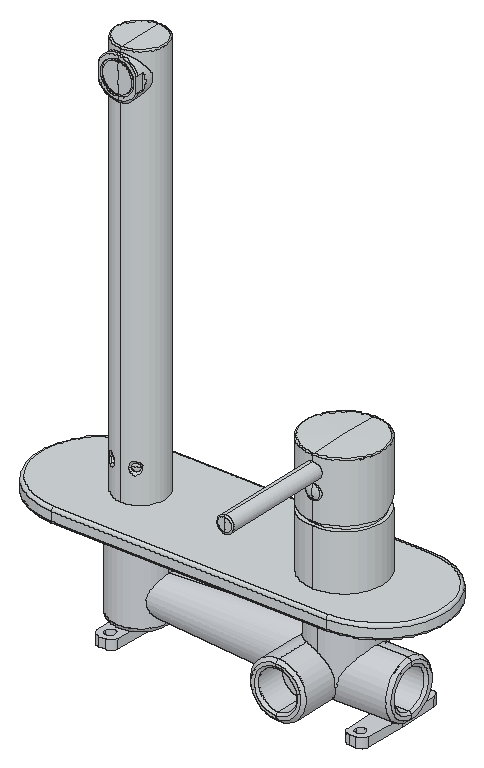
Revit family "Reece_Tap_Mizu_Drift_Wall Basin or Bath Mixer_Straight", category Plumbing Fixtures, host Face, Revit 2018
Family settings
  Host = Face
  Round Connector Dimension = Use Diameter
  Part Type = Normal
  Cut with Voids When Loaded = No
  Shared = Yes
  Room Calculation Point = Yes
Parameters (values of type "194 mm_Brushed Nickel")
  WFU = 0  # constant formula
  URL = "https://www.reece.com.au/product/-2267377"
  Type Comments = "Tap"
  Reece_Tap_Reach = 194 mm  # constant formula
  Reece_Tap_Inlet = 25 mm  # constant formula
  Reece_Stand_Radius = 19 mm  # constant formula
  Reece_Product_Web Page = "https://www.reece.com.au/product/-2267377"
  Reece_Product_Type = "Tap"  # constant formula
  Reece_Product_Sub Brand = "Drift"  # constant formula
  Reece_Product_Number = "2267377"
  Reece_Product_Mount = "Wall Mounted"  # constant formula
  Reece_Product_Description = "Mizu Drift Wall Basin / Bath Mixer Set with Straight Spout Kit Brushed Nickel (6 Star)"
  Reece_Product_Brand = "Mizu"  # constant formula
  Reece_Overall_Width = 200 mm  # constant formula
  Reece_Overall_Projection = 206.5 mm  # constant formula
  Reece_Overall_Height = 106 mm  # constant formula
  Reece_Nozzle_Pipe Radius = 12 mm  # constant formula
  Reece_Material_Main = Reece_Brass_Brushed Nickel
  Reece_Detail_Shape = "Straight"  # constant formula
  Reece_Detail_Installation = ""
  Reece_Detail_Disclaimer = "THIS FILE IS THE PROPERTY OF THE REECE GROUP. IT MAY NOT BE REPRODUCED, REVERSE-ENGINEERED, OR MODIFIED. ANY REPUBLICATION, TRANSMISSION, OR DISTRIBUTION FOR THE PURPOSE OF COMMERCIALLY EXPLOITING THE FILES IS PROHIBITED."  # constant formula
  Reece_Detail_Connector = ""
  Reece_Detail_Additional = ""  # constant formula
  Model = "Drift"
  Manufacturer = "Mizu"
  Keynote = "Product #2267377, Reece_Tap_Mizu_Drift_Wall Basin or Bath Mixer_Straight - 194 mm_Brushed Nickel"
  HWFU = 0  # constant formula
  Disclaimer = "THIS FILE IS THE PROPERTY OF THE REECE GROUP. IT MAY NOT BE REPRODUCED, REVERSE-ENGINEERED, OR MODIFIED. ANY REPUBLICATION, TRANSMISSION, OR DISTRIBUTION FOR THE PURPOSE OF COMMERCIALLY EXPLOITING THE FILES IS PROHIBITED."  # constant formula
  Description = "Mizu Drift Wall Basin / Bath Mixer Set with Straight Spout Kit Brushed Nickel (6 Star)"
  Default Elevation = 1000 mm
  CWFU = 0  # constant formula
Types (5, lengths in mm): name | URL | Reece_Product_Web Page | Reece_Product_Number | Reece_Product_Description | Reece_Material_Main | Keynote | Description
  194 mm_Brushed Brass | "https://www.reece.com.au/product/-2267391" | "https://www.reece.com.au/product/-2267391" | "2267391" | "Mizu Drift Wall Basin / Bath Mixer Set with Straight Spout Kit Chrome (6 Star)" | Reece_Brass_Brushed | "Product #2267391, Reece_Tap_Mizu_Drift_Wall Basin or Bath Mixer_Straight - 194 mm_Brushed Brass" | "Mizu Drift Wall Basin / Bath Mixer Set with Straight Spout Kit Chrome (6 Star)"
  194 mm_Chrome | "https://www.reece.com.au/product/-2267363" | "https://www.reece.com.au/product/-2267363" | "2267363" | "Mizu Drift Wall Basin / Bath Mixer Set with Straight Spout Kit Chrome (6 Star)" | Reece_Brass_Chrome | "Product #2267363, Reece_Tap_Mizu_Drift_Wall Basin or Bath Mixer_Straight - 194 mm_Chrome" | "Mizu Drift Wall Basin / Bath Mixer Set with Straight Spout Kit Chrome (6 Star)"
  194 mm_Brushed Gunmetal | "https://www.reece.com.au/product/-2267384" | "https://www.reece.com.au/product/-2267384" | "2267384" | "Mizu Drift Wall Basin / Bath Mixer Set with Straight Spout Kit Brushed Gunmetal (6 Star)" | Reece_Brass_Brushed Gunmetal | "Product #2267384, Reece_Tap_Mizu_Drift_Wall Basin or Bath Mixer_Straight - 194 mm_Brushed Gunmetal" | "Mizu Drift Wall Basin / Bath Mixer Set with Straight Spout Kit Brushed Gunmetal (6 Star)"
  194 mm_Brushed Nickel | "https://www.reece.com.au/product/-2267377" | "https://www.reece.com.au/product/-2267377" | "2267377" | "Mizu Drift Wall Basin / Bath Mixer Set with Straight Spout Kit Brushed Nickel (6 Star)" | Reece_Brass_Brushed Nickel | "Product #2267377, Reece_Tap_Mizu_Drift_Wall Basin or Bath Mixer_Straight - 194 mm_Brushed Nickel" | "Mizu Drift Wall Basin / Bath Mixer Set with Straight Spout Kit Brushed Nickel (6 Star)"
  194 mm_Matte Black | "https://www.reece.com.au/product/-2267370" | "https://www.reece.com.au/product/-2267370" | "2267370" | "Mizu Drift Wall Basin / Bath Mixer Set with Straight Spout Kit Matte Black (6 Star)" | Reece_Brass_Matte Black | "Product #2267370, Reece_Tap_Mizu_Drift_Wall Basin or Bath Mixer_Straight - 194 mm_Matte Black" | "Mizu Drift Wall Basin / Bath Mixer Set with Straight Spout Kit Matte Black (6 Star)"
Reference planes
  plane 1 "Center (Front/Back)": y = 0
  plane 2: z = 0
  plane 3 "Center (Left/Right)": x = 0
  plane 4: y = -32.5
  plane 5: y = 32.5
  plane 6: x = -100
  plane 7: x = 100
  plane 8: y = -73.5
  plane 9: z = 206.5
  plane 10: z = 194
Forms (mm)
  Revolve 1, solid, material "Reece_Brass_Brushed Nickel" <- "Reece_Material_Main"
    sketch origin (49.911, 0.055, -117.916) x (0, 1, 0) y (0, 0, 1)
      loop
        line (-19, 151.8) -> (-19, 117.916) -> (0, 117.916) -> (0, 157.8) -> (-13.55, 157.8) -> (-13.55, 161.484)
        arc (-13.55, 161.484) -> (-15.908, 156.868) -> (-17, 151.8) r 20
        line (-17, 151.8) -> (-19, 151.8)
      axis (0, 161.484) -> (0, 117.916)
    angle from 0 to 360
  Extrusion 2, void
    sketch origin (49.911, 5.683, 45.943) x (0, -0.91357, -0.406681) y (1, 0, 0)
      loop
        line (39.237, 24.5) -> (-51.116, 24.5) -> (-51.116, -24.5) -> (39.237, -24.5) -> (39.237, 24.5)
    from -20.185 to -6.612
  Revolve 3, solid, material "Reece_Brass_Brushed Nickel" <- "Reece_Material_Main"
    sketch origin (49.911, 0.055, -117.916) x (0, 1, 0) y (0, 0, 1)
      loop
        line (-73.215, 176.258) -> (-11.215, 176.258) -> (-11.215, 179.458) -> (-12.015, 180.258) -> (-72.715, 180.258)
        arc (-72.715, 180.258) -> (-73.069, 180.112) -> (-73.215, 179.758) r 0.5
        line (-73.215, 179.758) -> (-73.215, 176.258)
      axis (-11.215, 176.258) -> (-73.215, 176.258)
    angle from 0 to 360
  Revolve 4, solid, material "Reece_Brass_Brushed Nickel" <- "Reece_Material_Main"
    sketch origin (49.911, 0.055, -117.916) x (0, 1, 0) y (0, 0, 1)
      loop
        arc (-18.504, 183.63) -> (-18.856, 183.472) -> (-19, 183.114) r 0.517
        line (-19, 183.114) -> (-19, 154.116) -> (-17.998, 154.116) -> (-17.5, 161.235) -> (-17.5, 164.116) -> (0, 164.116) -> (0, 184)
        arc (0, 184) -> (-9.254, 183.907) -> (-18.504, 183.63) r 466.11
      axis (0, 184) -> (0, 154.116)
    angle from 0 to 360
  Extrusion 5, solid
    sketch origin (49.911, 7.086, -35) x (0, -1, 0) y (0, 0, 1)
      loop
        arc (-8.914, -1.5) -> (-5.253, -10.339) -> (3.586, -14) r 12.5
        line (3.586, -14) -> (7.086, -14) -> (7.086, -11) -> (3.586, -11)
        arc (3.586, -11) -> (-3.132, -8.218) -> (-5.914, -1.5) r 9.5
        line (-5.914, -1.5) -> (-5.914, 35) -> (-12.914, 35) -> (-12.914, 33.5)
        arc (-12.914, 33.5) -> (-12.621, 32.793) -> (-11.914, 32.5) r 1
        line (-11.914, 32.5) -> (-10.914, 32.5)
        arc (-10.914, 32.5) -> (-9.5, 31.914) -> (-8.914, 30.5) r 2
        line (-8.914, 30.5) -> (-8.914, -1.5)
    from 9.327 to -9.327
  Revolve 6, solid
    sketch origin (49.911, 7.086, -35) x (0, -1, 0) y (0, 0, 1)
      loop
        line (27.086, 33.5) -> (27.086, 35) -> (7.086, 35) -> (7.086, -1.146) -> (23.086, -1.146) -> (23.086, 30.5)
        arc (23.086, 30.5) -> (23.671, 31.914) -> (25.086, 32.5) r 2
        line (25.086, 32.5) -> (26.086, 32.5)
        arc (26.086, 32.5) -> (26.793, 32.793) -> (27.086, 33.5) r 1
      axis (7.086, 35) -> (7.086, -1.146)
    angle from 0 to 360
  Extrusion 7, void
    sketch origin (49.911, 7.086, -35) x (0, -1, 0) y (0, 0, 1)
      loop
        arc (-29.2, -13.737) -> (-25.539, -22.576) -> (-16.7, -26.237) r 12.5
        line (-16.7, -26.237) -> (7.086, -26.237) -> (7.086, -11) -> (3.586, -11)
        arc (3.586, -11) -> (-3.132, -8.218) -> (-5.914, -1.5) r 9.5
        line (-5.914, -1.5) -> (-5.914, 35) -> (-12.914, 35) -> (-12.914, 33.5)
        arc (-12.914, 33.5) -> (-12.621, 32.793) -> (-11.914, 32.5) r 1
        line (-11.914, 32.5) -> (-29.2, 32.5) -> (-29.2, -13.737)
    from 23.664 to -25.317
  Revolve 8, solid
    sketch origin (49.911, 7.086, -35) x (0, -1, 0) y (0, 0, 1)
      loop
        line (27.086, 33.5) -> (27.086, 35) -> (7.086, 35) -> (7.086, 30.5) -> (23.086, 30.5)
        arc (23.086, 30.5) -> (23.671, 31.914) -> (25.086, 32.5) r 2
        line (25.086, 32.5) -> (26.086, 32.5)
        arc (26.086, 32.5) -> (26.793, 32.793) -> (27.086, 33.5) r 1
      axis (7.086, 35) -> (7.086, 30.5)
    angle from 0 to 360
  Revolve 9, solid
    sketch origin (43, 7.086, -35) x (0, -1, 0) y (0, 0, 1)
      loop
        line (8.163, -13.75) -> (38.586, -13.75) -> (40.086, -12.25) -> (40.086, -10.7) -> (38.886, -9.5) -> (25.086, -9.5) -> (25.086, 0) -> (8.163, 0) -> (8.163, -13.75)
      axis (8.163, 0) -> (40.086, 0)
    angle from 0 to 360
  Revolve 10, solid
    sketch origin (0, 0, 0) x (1, 0, 0) y (0, 0, 1)
      loop
        line (-48.087, -44.103) -> (43, -49) -> (81.5, -49) -> (83, -47.5) -> (83, -45.7) -> (81.8, -44.5) -> (68, -44.5) -> (68, -35) -> (-48.087, -35) -> (-48.087, -44.103)
      axis (83, -35) -> (-48.087, -35)
    angle from 0 to 360
  Revolve 11, solid
    sketch origin (0, 0, 0) x (1, 0, 0) y (0, 0, 1)
      loop
        line (-50, 0) -> (-64, 0) -> (-64, -46.75)
        arc (-64, -46.75) -> (-63.414, -48.164) -> (-62, -48.75) r 2
        line (-62, -48.75) -> (-50, -48.75) -> (-50, 0)
      axis (-50, -48.75) -> (-50, 0)
    angle from 0 to 360
  Extrusion 12, solid
    sketch origin (0, 0, 0) x (1, 0, 0) y (0, 1, 0)
      loop
        line (-44.179, 0) -> (-44.882, 20.122)
        arc (-44.882, 20.122) -> (-45.949, 22.518) -> (-48.38, 23.5) r 3.5
        line (-48.38, 23.5) -> (-51.62, 23.5)
        arc (-51.62, 23.5) -> (-54.051, 22.518) -> (-55.118, 20.122) r 3.5
        line (-55.118, 20.122) -> (-55.821, 0) -> (-55.118, -20.122)
        arc (-55.118, -20.122) -> (-54.051, -22.518) -> (-51.62, -23.5) r 3.5
        line (-51.62, -23.5) -> (-48.38, -23.5)
        arc (-48.38, -23.5) -> (-45.949, -22.518) -> (-44.882, -20.122) r 3.5
        line (-44.882, -20.122) -> (-44.179, 0)
      loop
        circle (-50, 18.5) r 2.5
      loop
        circle (-50, -18.5) r 2.5
      loop
        line (78.118, -20.122) -> (78.821, 0) -> (78.118, 20.122)
        arc (78.118, 20.122) -> (77.051, 22.518) -> (74.62, 23.5) r 3.5
        line (74.62, 23.5) -> (71.38, 23.5)
        arc (71.38, 23.5) -> (68.949, 22.518) -> (67.882, 20.122) r 3.5
        line (67.882, 20.122) -> (67.179, 0) -> (67.882, -20.122)
        arc (67.882, -20.122) -> (68.949, -22.518) -> (71.38, -23.5) r 3.5
        line (71.38, -23.5) -> (74.62, -23.5)
        arc (74.62, -23.5) -> (77.051, -22.518) -> (78.118, -20.122) r 3.5
      loop
        circle (73, -18.5) r 2.5
      loop
        circle (73, 18.5) r 2.5
    from -52.75 to -48.3
  Revolve 13, void
    sketch origin (49.911, 7.086, -35) x (0, -1, 0) y (0, 0, 1)
      loop
        line (27.086, -11.609) -> (27.086, 38.751) -> (7.086, 38.751) -> (7.086, -11.609) -> (27.086, -11.609)
      axis (7.086, 38.751) -> (7.086, -11.609)
    angle from 0 to 360
  Revolve 14, void
    sketch origin (0, 0, 0) x (1, 0, 0) y (0, 0, 1)
      loop
        line (-50, 11.25) -> (-64, 11.25) -> (-64, -48.75) -> (-50, -48.75) -> (-50, 11.25)
      axis (-50, -48.75) -> (-50, 11.25)
    angle from 0 to 360
  Revolve 15, solid, material "Reece_Brass_Brushed Nickel" <- "Reece_Material_Main"
    sketch origin (49.911, 0.967, -120.53) x (0, -1, 0) y (0, 0, -1)
      loop
        arc (19.269, -173.642) -> (19.651, -173.532) -> (19.915, -173.234) r 0.716
        arc (19.915, -173.234) -> (20.503, -171.536) -> (20.702, -169.75) r 8.104
        line (20.702, -169.75) -> (16.178, -169.75) -> (16.178, -173.642) -> (19.269, -173.642)
      axis (16.178, -169.75) -> (20.702, -169.75)
    angle from 0 to 360
  Revolve 16, void
    sketch origin (49.911, 0.967, -120.53) x (0, -1, 0) y (0, 0, -1)
      loop
        arc (20.458, -173.621) -> (20.84, -173.51) -> (21.104, -173.213) r 0.716
        arc (21.104, -173.213) -> (21.689, -171.525) -> (21.891, -169.75) r 8.104
        line (21.891, -169.75) -> (17.922, -169.75) -> (17.922, -173.621) -> (20.458, -173.621)
      axis (17.922, -169.75) -> (21.891, -169.75)
    angle from 0 to 360
  Extrusion 17, solid, material "Reece_Brass_Brushed Nickel" <- "Reece_Material_Main"
    sketch origin (0, 0, 0) x (1, 0, 0) y (0, 1, 0)
      loop
        circle (49.911, 0.055) r 19
      loop
        circle (-50, 0) r 10
      loop
        arc (-67.5, 27.5) -> (-95, 0) -> (-67.5, -27.5) r 27.5
        line (-67.5, -27.5) -> (67.5, -27.5)
        arc (67.5, -27.5) -> (95, 0) -> (67.5, 27.5) r 27.5
        line (67.5, 27.5) -> (-67.5, 27.5)
    from 0 to 6.5
  Sweep 18, solid, material "Reece_Brass_Brushed Nickel" <- "Reece_Material_Main"
    path origin (0, 0, 0) x (1, 0, 0) y (0, 1, 0)
      loop
        line (-67.5, -32.5) -> (67.5, -32.5)
        arc (67.5, -32.5) -> (100, 0) -> (67.5, 32.5) r 32.5
        line (67.5, 32.5) -> (-67.5, 32.5)
        arc (-67.5, 32.5) -> (-100, 0) -> (-67.5, -32.5) r 32.5
    profile origin (0, -32.5, 0) x (0, 1, 0) y (0, 0, 1)
      loop
        line (0, 5) -> (0, 0.5)
        arc (0, 0.5) -> (0.146, 0.146) -> (0.5, 0) r 0.5
        line (0.5, 0) -> (5, 0) -> (5, 6.5) -> (1.5, 6.5)
        arc (1.5, 6.5) -> (0.439, 6.061) -> (0, 5) r 1.5
  Revolve 19, solid, material "Reece_Brass_Brushed Nickel" <- "Reece_Material_Main"
    sketch origin (-50, -125, 72.479) x (0, 0, -1) y (0, 1, 0)
      loop
        line (65.979, 137) -> (-133.521, 137)
        arc (-133.521, 137) -> (-133.874, 136.854) -> (-134.021, 136.5) r 0.5
        line (-134.021, 136.5) -> (-134.021, 125) -> (65.979, 125) -> (65.979, 137)
      axis (65.979, 125) -> (-134.021, 125)
    angle from 0 to 360
  Revolve 20, solid, material "Reece_Brass_Brushed Nickel" <- "Reece_Material_Main"
    sketch origin (-50, -109.164, 56.66) x (0, 0.139173, -0.990268) y (0, 0.990268, 0.139173)
      loop
        arc (-133.111, 115.207) -> (-133.015, 114.836) -> (-132.685, 114.642) r 0.5
        line (-132.685, 114.642) -> (-122.782, 113.251) -> (-120.106, 132.294) -> (-130.504, 133.756) -> (-133.111, 115.207)
      axis (-122.782, 113.251) -> (-120.106, 132.294)
    angle from 0 to 360
  Revolve 21, void
    sketch origin (-50, -109.164, 58.46) x (0, 0.139173, -0.990268) y (0, 0.990268, 0.139173)
      loop
        line (-128.023, 114.365) -> (-129.064, 114.512) -> (-129.194, 113.586) -> (-128.153, 113.44) -> (-128.023, 114.365)
      axis (-121.078, 112.446) -> (-120.939, 113.436)
    angle from 0 to 360
  Extrusion 22, void
    sketch origin (-50, -107.533, 57.385) x (0, 0.150677, -0.988583) y (0, 0.988583, 0.150677)
      loop
        line (-116.403, 116.238) -> (-124.512, 117.474) -> (-125.375, 111.811) -> (-117.266, 110.575) -> (-116.403, 116.238)
    from -11.747 to -9
  Extrusion 23, void
    sketch origin (-50, -107.533, 57.385) x (0, 0.150677, -0.988583) y (0, -0.988583, -0.150677)
      loop
        line (-116.403, -116.238) -> (-117.266, -110.575) -> (-125.375, -111.811) -> (-124.512, -117.474) -> (-116.403, -116.238)
    from -11.747 to -9
  Revolve 24, void
    sketch origin (-53.474, -6.018, 22.5) x (0.5, 0.866025, 0) y (-0.866025, 0.5, 0)
      loop
        line (-3.414, 2.1) -> (-4.254, 2.1) -> (-5.911, 4.186) -> (-5.911, 0) -> (-3.643, 0)
        arc (-3.643, 0) -> (-3.604, 1.058) -> (-3.414, 2.1) r 7.404
      axis (-5.911, 0) -> (-3.414, 0)
    angle from 0 to 360
  Revolve 25, void
    sketch origin (-46.526, -6.018, 22.5) x (-0.5, 0.866025, 0) y (-0.866025, -0.5, 0)
      loop
        arc (-3.414, -2.1) -> (-3.604, -1.058) -> (-3.643, 0) r 7.404
        line (-3.643, 0) -> (-5.911, 0) -> (-5.911, -4.186) -> (-4.254, -2.1) -> (-3.414, -2.1)
      axis (-5.911, 0) -> (-3.414, 0)
    angle from 0 to 360
Cuts and joins
  Extrusion 2, Revolve 16 cuts Revolve 4
  joined: Revolve 3, Revolve 4
  Extrusion 7 cuts Revolve 6
  joined: Revolve 6, Revolve 8, Revolve 9, Revolve 10, Revolve 11, Extrusion 12
  Revolve 21, Extrusion 23 cuts Revolve 1
  Revolve 21, Extrusion 23, Revolve 24, Revolve 25 cuts Extrusion 17
  Revolve 21, Extrusion 23 cuts Sweep 18
  Revolve 21, Extrusion 23, Revolve 24, Revolve 25 cuts Revolve 19
  Revolve 21, Extrusion 22, Extrusion 23 cuts Revolve 20
  joined: Revolve 1, Extrusion 17, Sweep 18, Revolve 19, Revolve 20
Lines and regions (mm)
  reference lines
    curve 1: line (-50, 0, 10.73) -> (-50, 0, 171.228)
    curve 2: line (49.911, -27.613, 23.883) -> (49.911, 43.373, 55.483)
    curve 3: line (-53.474, -6.018, 22.5) -> (-50, 0, 22.5)
    curve 4: line (43, 7.086, -35) -> (43, -32.914, -35)
    curve 5: line (49.911, 7.086, -35) -> (49.911, -32.914, -35)
Text (mm)
  text "Reece Copyright © 2018, Reece Ltd." at (-510.533, -96.719, 0), in view "Ref. Level"
  text "Reece ©" at (38.562, 208.856, 148.073), in view "Reece Preview"
Dimensions and locks
  locked: Revolve 1 sketch curve to Revolve 1 sketch curve at 6
  "Reece_Stand_Radius": Revolve 1 sketch curve to Revolve 1 sketch curve
  Extrusion 2 sketch curve to Extrusion 2 sketch curve = 49 mm
  locked: Revolve 3 sketch curve to Revolve 3 sketch curve at 4
  "Reece_Stand_Radius": Revolve 4 sketch curve to Revolve 4 sketch curve
  locked: Revolve 4 sketch curve to Revolve 4 sketch curve at 1.5
  locked: Revolve 4 sketch curve to Revolve 4 sketch curve at 10
  "Reece_Overall_Width": plane 6 to plane 7
  equal spacing: plane 6, plane 3 "Center (Left/Right)", plane 7
  "Reece_Overall_Height": plane 8 to plane 5
  plane 4 to plane 5 = 65 mm
  "Reece_Overall_Projection": plane 9 to level
  "Reece_Tap_Reach": level to plane 10
  aligned and locked: plane 2 to host face
  aligned and locked: level to host face
  aligned and locked: Revolve 4 sketch curve to Revolve 4 sketch curve
Automatic sketch dimensions
  host sketch curve to host sketch curve = 380.785 mm
  host sketch curve to host sketch curve = 317.421 mm
  curve 1 to plane 1 "Center (Front/Back)" = 0 mm
  level to curve 1 = 10.73 mm
  plane 1 "Center (Front/Back)" to curve 2 = 27.613 mm
  level to curve 2 = 23.883 mm
  curve 2 to plane 1 "Center (Front/Back)" = 43.373 mm
  plane 3 "Center (Left/Right)" to Extrusion 2 sketch curve = 74.411 mm
  Extrusion 2 sketch curve to Extrusion 2 sketch curve = 90.354 mm
  plane 1 "Center (Front/Back)" to curve 3 = 0 mm
  plane 1 "Center (Front/Back)" to curve 3 = 6.018 mm
  curve 3 to plane 3 "Center (Left/Right)" = 53.474 mm
  curve 3 to curve 3 = 3.474 mm
  plane 1 "Center (Front/Back)" to curve 4 = 32.914 mm
  plane 3 "Center (Left/Right)" to curve 4 = 43 mm
  curve 4 to curve 5 = 3.456 mm  (x2)
  curve 4 to curve 4 = 34.641 mm
  curve 5 to curve 4 = 5.985 mm  (x2)
  curve 5 to curve 5 = 20 mm
  Extrusion 5 sketch curve to Extrusion 5 sketch curve = 0 mm  (x2)
  Extrusion 5 sketch curve to curve 5 = 12.914 mm
  Extrusion 5 sketch curve to Extrusion 5 sketch curve = 1 mm  (x2)
  Extrusion 5 sketch curve to Extrusion 5 sketch curve = 2 mm
  Extrusion 5 sketch curve to Extrusion 5 sketch curve = 3 mm  (x2)
  curve 5 to Extrusion 5 sketch curve = 1.5 mm
  curve 5 to Extrusion 5 sketch curve = 3.586 mm
  Extrusion 5 sketch curve to Extrusion 5 sketch curve = 3.5 mm
  Extrusion 5 sketch curve to curve 5 = 11 mm
  curve 5 to Extrusion 5 sketch curve = 30.5 mm
  Extrusion 5 sketch curve to Extrusion 5 sketch curve = 4.5 mm
  curve 5 to Revolve 6 sketch curve = 7.086 mm  (x2)
  curve 5 to Revolve 6 sketch curve = 1.146 mm
  Revolve 6 sketch curve to Revolve 6 sketch curve = 16 mm
  Revolve 6 sketch curve to Revolve 6 sketch curve = 2 mm
  Revolve 6 sketch curve to Revolve 6 sketch curve = 1 mm  (x2)
  curve 5 to Revolve 6 sketch curve = 30.5 mm
  curve 5 to Revolve 6 sketch curve = 35 mm
  curve 5 to Revolve 6 sketch curve = 65 mm
  curve 5 to Revolve 6 sketch curve = 75 mm
  curve 5 to Extrusion 7 sketch curve = 13.737 mm
  Extrusion 7 sketch curve to curve 5 = 29.2 mm
  Extrusion 7 sketch curve to Extrusion 7 sketch curve = 12.5 mm
  Extrusion 7 sketch curve to curve 5 = 12.914 mm
  Extrusion 7 sketch curve to Extrusion 7 sketch curve = 1 mm
  Extrusion 7 sketch curve to curve 5 = 5.914 mm  (x2)
  curve 5 to Extrusion 7 sketch curve = 1.5 mm
  curve 5 to Extrusion 7 sketch curve = 3.586 mm
  Extrusion 7 sketch curve to Extrusion 7 sketch curve = 3.5 mm
  Extrusion 7 sketch curve to curve 5 = 11 mm
  curve 5 to Extrusion 7 sketch curve = 32.5 mm
  Extrusion 7 sketch curve to Extrusion 7 sketch curve = 1.5 mm
  curve 5 to Revolve 8 sketch curve = 7.086 mm  (x2)
  Revolve 8 sketch curve to Revolve 8 sketch curve = 16 mm
  Revolve 8 sketch curve to Revolve 8 sketch curve = 2 mm
  Revolve 8 sketch curve to Revolve 8 sketch curve = 1 mm  (x2)
  curve 5 to Revolve 8 sketch curve = 30.5 mm
  Revolve 8 sketch curve to Revolve 8 sketch curve = 1.5 mm
  curve 5 to Revolve 8 sketch curve = 65 mm
  curve 5 to Revolve 8 sketch curve = 75 mm
  Revolve 9 sketch curve to curve 4 = 0 mm  (x3)
  curve 4 to Revolve 9 sketch curve = 0 mm
  curve 4 to Revolve 9 sketch curve = 8.163 mm
  Revolve 9 sketch curve to curve 4 = 14.914 mm
  Revolve 9 sketch curve to curve 4 = 1.414 mm
  Revolve 9 sketch curve to curve 4 = 1.114 mm
  curve 4 to Revolve 9 sketch curve = 0.086 mm
  curve 4 to Revolve 9 sketch curve = 9.5 mm
  Revolve 9 sketch curve to curve 4 = 10.7 mm
  Revolve 9 sketch curve to curve 4 = 12.25 mm
  Revolve 9 sketch curve to curve 4 = 13.75 mm
  Revolve 10 sketch curve to plane 3 "Center (Left/Right)" = 48.087 mm
  plane 3 "Center (Left/Right)" to Revolve 10 sketch curve = 43 mm
  Revolve 10 sketch curve to Revolve 10 sketch curve = 25 mm
  Revolve 10 sketch curve to Revolve 10 sketch curve = 13.5 mm
  Revolve 10 sketch curve to Revolve 10 sketch curve = 0.3 mm
  Revolve 10 sketch curve to Revolve 10 sketch curve = 1.5 mm  (x2)
  Revolve 10 sketch curve to level = 49 mm
  Revolve 10 sketch curve to Revolve 10 sketch curve = 0 mm  (x2)
  Revolve 10 sketch curve to Revolve 10 sketch curve = 1.8 mm
  Revolve 10 sketch curve to Revolve 10 sketch curve = 1.2 mm
  Revolve 10 sketch curve to level = 44.103 mm
  Revolve 10 sketch curve to Revolve 10 sketch curve = 9.5 mm
  Revolve 10 sketch curve to Revolve 10 sketch curve = 12.337 mm
  Revolve 10 sketch curve to Revolve 10 sketch curve = 25.491 mm
  plane 1 "Center (Front/Back)" to Extrusion 12 sketch curve = 0 mm  (x4)
  Extrusion 12 sketch curve to plane 3 "Center (Left/Right)" = 55.821 mm
  Extrusion 12 sketch curve to plane 1 "Center (Front/Back)" = 20.122 mm  (x4)
  Extrusion 12 sketch curve to Extrusion 12 sketch curve = 0.703 mm  (x4)
  plane 1 "Center (Front/Back)" to Extrusion 12 sketch curve = 20.122 mm  (x4)
  Extrusion 12 sketch curve to Extrusion 12 sketch curve = 3.498 mm  (x8)
  Extrusion 12 sketch curve to Extrusion 12 sketch curve = 1.62 mm  (x5)
  Extrusion 12 sketch curve to Extrusion 12 sketch curve = 3.24 mm  (x3)
  Extrusion 12 sketch curve to Extrusion 12 sketch curve = 11.641 mm  (x2)
  plane 3 "Center (Left/Right)" to Extrusion 12 sketch curve = 67.179 mm
  Extrusion 12 sketch curve to Extrusion 12 sketch curve = 3.378 mm  (x2)
  Extrusion 12 sketch curve to Extrusion 12 sketch curve = 1.5 mm  (x4)
  Extrusion 12 sketch curve to Extrusion 12 sketch curve = 1.622 mm  (x2)
  curve 5 to Revolve 13 sketch curve = 7.086 mm  (x2)
  Revolve 13 sketch curve to curve 5 = 12.914 mm
  Revolve 13 sketch curve to curve 5 = 11.609 mm
  curve 5 to Revolve 13 sketch curve = 38.751 mm
  curve 5 to Revolve 13 sketch curve = 65 mm
  curve 5 to Revolve 13 sketch curve = 75 mm
  Revolve 14 sketch curve to plane 3 "Center (Left/Right)" = 64 mm
  Revolve 14 sketch curve to Revolve 14 sketch curve = 14 mm
  Revolve 14 sketch curve to level = 48.75 mm
  level to Revolve 14 sketch curve = 11.25 mm
  Revolve 14 sketch curve to Revolve 14 sketch curve = 0 mm
  Revolve 14 sketch curve to Revolve 14 sketch curve = 17.25 mm
  Revolve 14 sketch curve to level = 4.525 mm
  plane 1 "Center (Front/Back)" to Revolve 15 sketch curve = 11.631 mm
  Revolve 15 sketch curve to Revolve 15 sketch curve = 3.58 mm
  Revolve 15 sketch curve to Revolve 15 sketch curve = 3.091 mm
  Revolve 15 sketch curve to Revolve 15 sketch curve = 1.433 mm
  Revolve 15 sketch curve to Revolve 15 sketch curve = 0.716 mm
  Revolve 15 sketch curve to Revolve 15 sketch curve = 3.892 mm
  Revolve 15 sketch curve to Revolve 15 sketch curve = 0.925 mm
  Revolve 15 sketch curve to Revolve 15 sketch curve = 4.804 mm
  Revolve 15 sketch curve to Revolve 15 sketch curve = 0 mm
  plane 1 "Center (Front/Back)" to Revolve 16 sketch curve = 12.82 mm
  Revolve 16 sketch curve to Revolve 16 sketch curve = 4.135 mm
  Revolve 16 sketch curve to Revolve 16 sketch curve = 2.536 mm
  Revolve 16 sketch curve to Revolve 16 sketch curve = 1.433 mm
  Revolve 16 sketch curve to Revolve 16 sketch curve = 0.716 mm
  Revolve 16 sketch curve to Revolve 16 sketch curve = 3.871 mm
  Revolve 16 sketch curve to Revolve 16 sketch curve = 0.021 mm
  Revolve 16 sketch curve to Revolve 16 sketch curve = 0.264 mm
  Revolve 16 sketch curve to Revolve 16 sketch curve = 3.615 mm
  Revolve 16 sketch curve to Revolve 16 sketch curve = 0 mm
  plane 1 "Center (Front/Back)" to Sweep 18 sketch curve = 32.5 mm
  Sweep 18 sketch curve to plane 3 "Center (Left/Right)" = 67.5 mm
  Sweep 18 sketch curve to plane 1 "Center (Front/Back)" = 0 mm
  plane 3 "Center (Left/Right)" to Sweep 18 sketch curve = 67.5 mm
  Extrusion 17 sketch curve to plane 1 "Center (Front/Back)" = 0.055 mm
  plane 1 "Center (Front/Back)" to Extrusion 17 sketch curve = 18.945 mm
  plane 1 "Center (Front/Back)" to Extrusion 17 sketch curve = 0 mm
  plane 1 "Center (Front/Back)" to Extrusion 17 sketch curve = 10 mm
  Revolve 11 sketch curve to level = 0 mm
  Revolve 11 sketch curve to plane 3 "Center (Left/Right)" = 64 mm
  Revolve 11 sketch curve to Revolve 11 sketch curve = 2 mm
  Revolve 11 sketch curve to Revolve 11 sketch curve = 14 mm
  Revolve 11 sketch curve to level = 46.75 mm
  Revolve 11 sketch curve to Revolve 11 sketch curve = 0 mm
  Revolve 11 sketch curve to Revolve 11 sketch curve = 4.525 mm
  Revolve 11 sketch curve to Revolve 11 sketch curve = 17.25 mm
  Sweep 18 sketch curve to profile plane = 0 mm
  Sweep 18 sketch curve to level = 0 mm
  Sweep 18 sketch curve to Sweep 18 sketch curve = 0.5 mm
  Sweep 18 sketch curve to profile plane = 1.5 mm
  Sweep 18 sketch curve to Sweep 18 sketch curve = 3.5 mm
  Sweep 18 sketch curve to Sweep 18 sketch curve = 4.5 mm
  Extrusion 17 sketch curve to Extrusion 17 sketch curve = 0 mm  (x2)
  plane 1 "Center (Front/Back)" to Extrusion 17 sketch curve = 27.5 mm
  Extrusion 17 sketch curve to plane 3 "Center (Left/Right)" = 67.5 mm
  Extrusion 17 sketch curve to Extrusion 17 sketch curve = 17.5 mm
  plane 3 "Center (Left/Right)" to Extrusion 17 sketch curve = 49.911 mm
  Extrusion 17 sketch curve to Extrusion 17 sketch curve = 17.589 mm
  Extrusion 17 sketch curve to plane 1 "Center (Front/Back)" = 0 mm
  level to curve 2 = 55.483 mm
  level to Revolve 15 sketch curve = 53.112 mm
  level to Revolve 16 sketch curve = 53.091 mm
  Revolve 3 sketch curve to Revolve 3 sketch curve = 0.5 mm
  plane 1 "Center (Front/Back)" to Revolve 3 sketch curve = 11.96 mm
  Revolve 3 sketch curve to Revolve 3 sketch curve = 0.8 mm  (x2)
  level to Revolve 3 sketch curve = 58.342 mm
  Revolve 3 sketch curve to Revolve 3 sketch curve = 1.412 mm
  Revolve 3 sketch curve to plane 1 "Center (Front/Back)" = 0.242 mm
  Revolve 3 sketch curve to Revolve 3 sketch curve = 0 mm
  Revolve 3 sketch curve to plane 8 = 0.84 mm
  Revolve 19 sketch curve to Revolve 19 sketch curve = 0.5 mm
  level to Revolve 19 sketch curve = 6.5 mm
  plane 5 to Revolve 19 sketch curve = 32.5 mm
  Revolve 19 sketch curve to Revolve 19 sketch curve = 11.5 mm
  Revolve 19 sketch curve to Revolve 19 sketch curve = 95.908 mm
  Revolve 19 sketch curve to Revolve 19 sketch curve = 0 mm
  plane 5 to Revolve 20 sketch curve = 46.103 mm
  Revolve 20 sketch curve to Revolve 20 sketch curve = 0.426 mm
  Revolve 20 sketch curve to Revolve 20 sketch curve = 0.07 mm  (x2)
  Revolve 20 sketch curve to Revolve 20 sketch curve = 2.607 mm
  Revolve 20 sketch curve to Revolve 20 sketch curve = 9.903 mm
  Revolve 20 sketch curve to Revolve 20 sketch curve = 10.398 mm
  Revolve 20 sketch curve to Revolve 20 sketch curve = 1.812 mm
  Revolve 20 sketch curve to Revolve 20 sketch curve = 0.706 mm
  Revolve 20 sketch curve to Revolve 20 sketch curve = 12.891 mm
  Revolve 20 sketch curve to Revolve 20 sketch curve = 5.022 mm
  plane 5 to Revolve 21 sketch curve = 47.163 mm
  Revolve 21 sketch curve to Revolve 21 sketch curve = 0.13 mm
  Revolve 21 sketch curve to Revolve 21 sketch curve = 1.041 mm
  Revolve 21 sketch curve to Revolve 21 sketch curve = 0.146 mm
  Revolve 21 sketch curve to Revolve 21 sketch curve = 6.918 mm
  Revolve 21 sketch curve to Revolve 21 sketch curve = 0.607 mm
  Revolve 21 sketch curve to Revolve 21 sketch curve = 2.11 mm
  Revolve 21 sketch curve to Revolve 21 sketch curve = 4.32 mm
  plane 5 to Extrusion 22 sketch curve = 48.39 mm
  Extrusion 22 sketch curve to Extrusion 22 sketch curve = 0.863 mm
  Extrusion 22 sketch curve to Extrusion 22 sketch curve = 4.428 mm
  plane 5 to Extrusion 23 sketch curve = 48.39 mm
  Extrusion 23 sketch curve to Extrusion 23 sketch curve = 0.863 mm
  Extrusion 23 sketch curve to Extrusion 23 sketch curve = 4.428 mm
  curve 1 to curve 1 = 160.498 mm
  Revolve 19 sketch curve to Revolve 19 sketch curve = 103.592 mm
  Revolve 19 sketch curve to Revolve 19 sketch curve = 43.161 mm
  level to Revolve 20 sketch curve = 204.509 mm
  level to Revolve 21 sketch curve = 202.205 mm
  level to Extrusion 22 sketch curve = 198.176 mm
  Extrusion 22 sketch curve to Extrusion 22 sketch curve = 8.109 mm
  level to Extrusion 23 sketch curve = 198.176 mm
  Extrusion 23 sketch curve to Extrusion 23 sketch curve = 8.109 mm
  plane 1 "Center (Front/Back)" to Revolve 24 sketch curve = 0 mm
  plane 1 "Center (Front/Back)" to Revolve 24 sketch curve = 9.044 mm
  plane 6 to Revolve 24 sketch curve = 39.945 mm
  Revolve 24 sketch curve to Revolve 24 sketch curve = 0 mm
  Revolve 24 sketch curve to Revolve 24 sketch curve = 1.657 mm
  Revolve 24 sketch curve to Revolve 24 sketch curve = 0.611 mm
  Revolve 24 sketch curve to Revolve 24 sketch curve = 0.839 mm
  Revolve 24 sketch curve to Revolve 24 sketch curve = 7.171 mm
  Revolve 24 sketch curve to Revolve 24 sketch curve = 2.086 mm
  Revolve 24 sketch curve to Revolve 24 sketch curve = 1.844 mm
  Revolve 24 sketch curve to Revolve 24 sketch curve = 3.643 mm
  Revolve 24 sketch curve to Revolve 24 sketch curve = 3.192 mm
  plane 1 "Center (Front/Back)" to Revolve 25 sketch curve = 0 mm
  plane 1 "Center (Front/Back)" to Revolve 25 sketch curve = 9.044 mm
  Revolve 25 sketch curve to plane 3 "Center (Left/Right)" = 39.945 mm
  Revolve 25 sketch curve to Revolve 25 sketch curve = 0 mm
  Revolve 25 sketch curve to Revolve 25 sketch curve = 1.657 mm
  Revolve 25 sketch curve to Revolve 25 sketch curve = 0.611 mm
  Revolve 25 sketch curve to Revolve 25 sketch curve = 0.839 mm
  Revolve 25 sketch curve to Revolve 25 sketch curve = 7.171 mm
  Revolve 25 sketch curve to Revolve 25 sketch curve = 2.086 mm
  Revolve 25 sketch curve to Revolve 25 sketch curve = 1.844 mm
  Revolve 25 sketch curve to Revolve 25 sketch curve = 3.643 mm
  Revolve 25 sketch curve to Revolve 25 sketch curve = 3.192 mm
  Revolve 1 sketch curve to level = 0 mm
  Revolve 1 sketch curve to plane 4 = 13.555 mm
  Revolve 1 sketch curve to Revolve 1 sketch curve = 2 mm
  Revolve 1 sketch curve to Revolve 1 sketch curve = 3.45 mm
  Revolve 1 sketch curve to plane 1 "Center (Front/Back)" = 0.055 mm
  Revolve 1 sketch curve to plane 1 "Center (Front/Back)" = 2.988 mm
  level to Revolve 1 sketch curve = 32.24 mm
  Revolve 1 sketch curve to Revolve 1 sketch curve = 1.644 mm
  Revolve 1 sketch curve to Revolve 1 sketch curve = 458.726 mm
  plane 9 to Revolve 1 sketch curve = 2122.454 mm
  Revolve 4 sketch curve to plane 4 = 13.555 mm
  Revolve 4 sketch curve to Revolve 4 sketch curve = 0.517 mm
  Revolve 4 sketch curve to Revolve 4 sketch curve = 1.002 mm
  Revolve 4 sketch curve to plane 1 "Center (Front/Back)" = 0.111 mm
  Revolve 4 sketch curve to level = 400.026 mm
  level to Revolve 4 sketch curve = 36.2 mm
  Revolve 4 sketch curve to Revolve 4 sketch curve = 2.881 mm
  Revolve 4 sketch curve to Revolve 4 sketch curve = 18.998 mm
  Revolve 4 sketch curve to Revolve 4 sketch curve = 0.886 mm
  Revolve 4 sketch curve to Revolve 4 sketch curve = 58.7 mm
  plane 9 to Revolve 4 sketch curve = 2071.448 mm
  radius of Extrusion 12 sketch curve = 2.5 mm  (x4)
Connectors
  piping at (43, -18, -35), diameter 25, driven by "Reece_Tap_Inlet"
    settings: on cut or joined group of Revolve 6, Extrusion 7, Revolve 8, Revolve 9, Revolve 10, Revolve 11, Extrusion 12, index 1, connector inside diameter 609.6 mm, connector length 0 mm, flow factor 0, pipe flow 0.0 L/s, pressure drop 0.0 Pa, fitting loss kfactor 0, connector angle 0.00°, fixture units 0, engagement length 0 mm, angle of deflection 0.00°, flow configuration 0, flow direction 1, fitting loss method 0, system type 29, joint type 0, gender type 0, connector reference index -1, connector utility 0, adjustable connector no, is connector primary yes, connector description ""
  piping at (68, 0, -35), diameter 25, driven by "Reece_Tap_Inlet"
    settings: on cut or joined group of Revolve 6, Extrusion 7, Revolve 8, Revolve 9, Revolve 10, Revolve 11, Extrusion 12, index 2, connector inside diameter 609.6 mm, connector length 0 mm, flow factor 0, pipe flow 0.0 L/s, pressure drop 0.0 Pa, fitting loss kfactor 0, connector angle 0.00°, fixture units 0, engagement length 0 mm, angle of deflection 0.00°, flow configuration 0, flow direction 1, fitting loss method 0, system type 29, joint type 0, gender type 0, connector reference index -1, connector utility 0, adjustable connector no, is connector primary no, connector description ""
